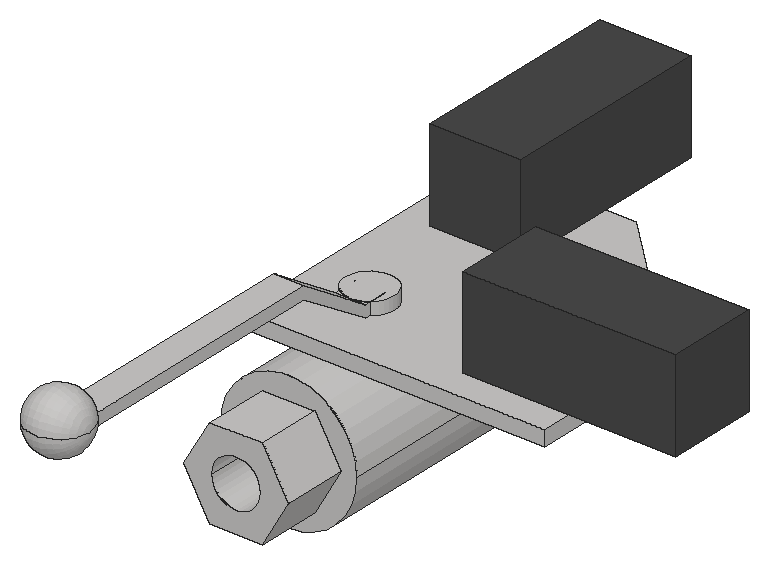
Revit family "Valvula de bola_Aguilera Extincion", category Accesorios de tuberías, Revit 2017
Family settings
  Cota de conector redondo = Radio de uso
  Tipo de pieza = Válvula - Se divide en
  Número OmniClass = 23.65.55.14.17
  Título OmniClass = Adjusting/Controlling Valves for Liquid Services
  Se basa en plano de trabajo = No
  Siempre vertical = Sí
  Corte con vacíos al cargar = No
  Compartido = No
Parameters (values of type "Válvula By-Pass de 16 (1/2")")
  URL = "http://aguilera.es/"
  Símbolo texto = yes
  Simbolo = yes
  R4 = R1 / 2  # 7.5 mm
  R3 = R2 * 1.5  # 33.75 mm
  R2 = R1 * 1.5  # 22.5 mm
  R1 = Radio + 7 mm  # 15 mm
  Fin de carrera 2 = yes
  D4 = R4 * 2  # 15 mm
  D3 = R3 * 2  # 67.5 mm
  D2 = R2 * 2  # 45 mm
  D1 = R1 * 2  # 30 mm
  Type Comments = ""
  Modelo = "AN/VBRF16"
  Fabricante = "Grupo Aguilera"  # constant formula
  L mm = 99 mm
  Keynote = ""
  H mm = 138 mm
  Descripción = "Válvula By-Pass con rácores y un final de carrera."  # constant formula
  Code = ""
  Assembly Code = ""
  A mm = 70 mm
  Radio = 8 mm
Types (3, lengths in mm): name | R4 | R3 | R2 | R1 | D4 | D3 | D2 | D1 | Modelo | Radio
  Válvula By-Pass de 16 (1/2") | 7.5 | 33.75 | 22.5 | 15 | 15 | 67.5 | 45 | 30 | "AN/VBRF16" | 8
  Válvula By-Pass de 20 (3/4") | 8.5 | 38.25 | 25.5 | 17 | 17 | 76.5 | 51 | 34 | "AN/VBRF20" | 10
  Válvula By-Pass de 30 (1 1/4") | 11 | 49.5 | 33 | 22 | 22 | 99 | 66 | 44 | "AN/VBRF30" | 15
Reference planes
  plane 1 "Center (Front/Back)": y = 0
  plane 2: z = 0
  plane 3 "Center (Left/Right)": x = 0
  plane 4: y = -54.971
  plane 5: through (-17.315, -1139.5, -0.009) normal (0.866, 0, 0.5)
  plane 6: through (8.142, -1139.5, 15.897) normal (0.866, 0, 0.5)
  plane 7: through (-6.386, -1139.5, 11.061) normal (0.866, 0, 0.5)
  plane 8: through (-8.65, -1139.5, 14.982) normal (0.866, 0, -0.5)
  plane 9: through (8.665, -1139.5, 14.973) normal (0.866, 0, -0.5)
  plane 10: through (17.331, -1139.5, -0.018) normal (0.866, 0, -0.5)
  plane 11: z = 15
  plane 12: z = -15
  plane 13: z = 0
  plane 14: y = -33.471
  plane 15: through (-6.386, -1118, 11.061) normal (0.866, 0, 0.5)
  plane 16: y = 34.529
  plane 17: y = 56.029
  plane 18: through (-17.315, -1050, -0.009) normal (0.866, 0, 0.5)
  plane 19: through (8.142, -1050, 15.897) normal (0.866, 0, 0.5)
  plane 20: through (-6.386, -1050, 11.061) normal (0.866, 0, 0.5)
  plane 21: through (-8.65, -1050, 14.982) normal (0.866, 0, -0.5)
  plane 22: through (8.665, -1050, 14.973) normal (0.866, 0, -0.5)
  plane 23: through (17.331, -1050, -0.018) normal (0.866, 0, -0.5)
  plane 24: z = 15
  plane 25: z = -15
  plane 26: z = 0
  plane 27: z = 15
  plane 28: z = 36.5
  plane 29: z = 51.5
  plane 30: through (-17.315, -0.009, 1538) normal (0.866, 0.5, 0)
  plane 31: through (8.142, 15.897, 1538) normal (0.866, 0.5, 0)
  plane 32: through (-6.386, 11.061, 1538) normal (0.866, 0.5, 0)
  plane 33: y = 15
  plane 34: y = -15
  plane 35: y = 0
Forms (mm)
  Extrusion 1, solid, material "Acero inoxidable"
    sketch origin (14.466, -54.971, 1200) x (-1, 0, 0) y (0, 0, 1)
      loop
        line (5.806, -1185) -> (-2.864, -1200.018) -> (5.786, -1215) -> (23.127, -1215) -> (31.777, -1200.018) -> (23.106, -1185) -> (5.806, -1185)
      loop
        circle (14.466, -1200) r 8
    from 0 to 21.5
  Extrusion 2, solid, material "Acero inoxidable"
    sketch origin (-17.31, -33.471, 1200) x (-1, 0, 0) y (0, 0, 1)
      loop
        circle (-17.31, -1200) r 22.5
    from 0 to 68
  Extrusion 3, solid, material "Acero inoxidable"
    sketch origin (-17.31, 34.529, 1200) x (-1, 0, 0) y (0, 0, 1)
      loop
        line (-25.971, -1185) -> (-34.641, -1200.018) -> (-25.991, -1215) -> (-8.65, -1215) -> (0, -1200.018) -> (-8.671, -1185) -> (-25.971, -1185)
      loop
        circle (-17.31, -1200) r 8
    from 0 to 21.5
  Extrusion 4, solid, material "Acero inoxidable"
    sketch origin (8.66, 59.529, 15) x (-1, 0, 0) y (0, -1, 0)
      loop
        line (31.01, -15.471) -> (31.01, 84.529) -> (-68.99, 84.529) -> (-68.99, 34.529) -> (-18.99, -15.471) -> (31.01, -15.471)
    from 10 to 15
  Extrusion 5, solid, material "Acero inoxidable"
    sketch origin (4267.2, -40.845, 36.5) x (0, -1, 0) y (1, 0, 0)
      loop
        circle (-40.845, -4267.2) r 8
    from -36.5 to -2.503
  Extrusion 6, solid, material "Plastico negro", visible <- "Fin de carrera 2"
    sketch origin (8.66, 59.529, 30) x (-1, 0, 0) y (0, -1, 0)
      loop
        line (-103.99, 74.529) -> (-103.99, 44.529) -> (-33.99, 44.529) -> (-33.99, 74.529) -> (-103.99, 74.529)
    from 0 to 30
  Extrusion 7, solid, material "Plastico negro"
    sketch origin (-56.879, 6.01, 30) x (0, -1, 0) y (1, 0, 0)
      loop
        line (-103.99, 74.529) -> (-103.99, 44.529) -> (-33.99, 44.529) -> (-33.99, 74.529) -> (-103.99, 74.529)
    from 0 to 30
  Extrusion 8, solid, material "Acero inoxidable"
    sketch origin (0, -214.471, 0) x (0, 1, 0) y (0, 0, 1)
      loop
        line (214.471, 30) -> (214.471, 33.997) -> (206.471, 33.997) -> (181, 50.646) -> (86.471, 50.646) -> (86.471, 46.649) -> (181, 46.649) -> (206.471, 30) -> (214.471, 30)
    from 5 to -5
  Revolve 9, solid, material "Acero inoxidable"
    sketch origin (0, -8, 50.646) x (0, -1, 0) y (1, 0, 0)
      loop
        arc (120, -10) -> (130, 0) -> (120, 10) r 10
        line (120, 10) -> (120, -10)
      axis (120, -10) -> (120, 10)
    angle from 0 to 360
Dimensions and locks
  equal spacing: plane 10, plane 9, plane 8
  "D1": plane 6 to plane 5
  equal spacing: plane 6, plane 7, plane 5
  "D1": plane 10 to plane 8
  "D1": plane 11 to plane 12
  equal spacing: plane 11, plane 13, plane 12
  plane 14 to plane 4 = 21.5 mm
  locked: plane 16 to plane 14 at 68
  equal spacing: plane 23, plane 22, plane 21
  "D1": plane 19 to plane 18
  equal spacing: plane 19, plane 20, plane 18
  "D1": plane 23 to plane 21
  "D1": plane 24 to plane 25
  equal spacing: plane 24, plane 26, plane 25
  plane 17 to plane 16 = 21.5 mm
  plane 28 to plane 27 = 21.5 mm
  "R1": plane 27 to plane 2
  "Radio": radius of Extrusion 1 sketch curve
  "R2": radius of Extrusion 2 sketch curve
  "Radio": radius of Extrusion 3 sketch curve
  "Radio": radius of Extrusion 5 sketch curve
  aligned and locked: level to plane 2
  aligned and locked: plane 6 to Extrusion 1 sketch curve
  aligned and locked: Extrusion 1 sketch curve to plane 5
  aligned and locked: Extrusion 1 sketch curve to plane 8
  aligned and locked: plane 10 to Extrusion 1 sketch curve
  aligned and locked: Extrusion 1 sketch curve to plane 12
  aligned and locked: plane 11 to Extrusion 1 sketch curve
  aligned and locked: plane 14 to Extrusion 1
  aligned and locked: Extrusion 2 to Extrusion 1
  aligned and locked: plane 16 to Extrusion 2
  aligned and locked: plane 19 to Extrusion 3 sketch curve
  aligned and locked: Extrusion 3 sketch curve to plane 18
  aligned and locked: Extrusion 3 sketch curve to plane 21
  aligned and locked: plane 23 to Extrusion 3 sketch curve
  aligned and locked: Extrusion 3 sketch curve to plane 25
  aligned and locked: plane 24 to Extrusion 3 sketch curve
  aligned and locked: Extrusion 3 to Extrusion 2
  aligned and locked: plane 17 to Extrusion 3
  aligned and locked: Revolve 9 sketch curve to Extrusion 8
  aligned and locked: Revolve 9 sketch curve to Revolve 9 sketch curve
Automatic sketch dimensions
  Extrusion 4 sketch curve to Extrusion 3 = 68.99 mm
  Extrusion 4 sketch curve to Extrusion 3 = 18.971 mm
  Extrusion 4 sketch curve to Extrusion 3 = 18.99 mm
  Extrusion 4 sketch curve to Extrusion 3 = 13.71 mm
  Extrusion 4 sketch curve to Extrusion 3 = 9.529 mm
  Extrusion 4 sketch curve to Extrusion 3 = 59.529 mm
  Extrusion 6 sketch curve to Extrusion 4 = 35 mm
  Extrusion 6 sketch curve to Extrusion 4 = 40 mm
  Extrusion 6 sketch curve to Extrusion 6 sketch curve = 30 mm
  Extrusion 6 sketch curve to Extrusion 6 sketch curve = 70 mm
  Extrusion 4 to Extrusion 7 sketch curve = 35 mm
  Extrusion 7 sketch curve to Extrusion 4 = 65 mm
  Extrusion 7 sketch curve to Extrusion 4 = 10 mm
  Extrusion 7 sketch curve to Extrusion 7 sketch curve = 30 mm
  Extrusion 8 sketch curve to plane 14 = 0 mm  (x2)
  Extrusion 8 sketch curve to plane 29 = 4.851 mm
  Extrusion 8 sketch curve to plane 28 = 6.5 mm
  plane 14 to Extrusion 8 sketch curve = 25.471 mm
  Extrusion 8 sketch curve to Extrusion 8 sketch curve = 0 mm
  Extrusion 8 sketch curve to plane 28 = 2.503 mm
  Extrusion 8 sketch curve to Extrusion 8 sketch curve = 8 mm
  Extrusion 8 sketch curve to plane 29 = 0.854 mm
  Revolve 9 sketch curve to Extrusion 8 = 5 mm
  Extrusion 8 to Revolve 9 sketch curve = 5 mm
  Revolve 9 sketch curve to Revolve 9 sketch curve = 0 mm
  Revolve 9 sketch curve to Revolve 9 sketch curve = 18.168 mm
  Extrusion 1 sketch curve to level = 0 mm
  Extrusion 1 sketch curve to plane 3 "Center (Left/Right)" = 0 mm
  Extrusion 2 sketch curve to level = 0 mm
  Extrusion 2 sketch curve to plane 3 "Center (Left/Right)" = 0 mm
  Extrusion 3 sketch curve to level = 0 mm
  Extrusion 3 sketch curve to plane 3 "Center (Left/Right)" = 0 mm
  Extrusion 5 sketch curve to plane 3 "Center (Left/Right)" = 0 mm
  Extrusion 5 sketch curve to plane 32 = 0 mm
  Extrusion 8 sketch curve to plane 4 = 73.029 mm
Nested families
  nested 1: "S_Valvula_Aguilera Extinción" at (0, 0, 0) x (0, 1, 0) z (0, 0, 1), visible <- "Simbolo", type "S_Valvula_Aguilera Extinción", detail levels coarse
Connectors
  piping at (0, 56.029, 0), diameter 16, driven by "Radio"
    settings: on Extrusion 3, index 1, connector inside diameter 609.6 mm, connector length 0 mm, flow factor 0, pipe flow 0.0 L/s, pressure drop 0.0 Pa, fitting loss kfactor 0, connector angle 0.00°, fixture units 0, engagement length 0 mm, angle of deflection 0.00°, flow configuration 0, flow direction 0, fitting loss method 0, system type 28, joint type 0, gender type 0, connector reference index 2, connector utility 0, adjustable connector no, is connector primary yes, connector description ""
  piping at (0, -54.971, 0), diameter 16, driven by "Radio"
    settings: on Extrusion 1, index 2, connector inside diameter 609.6 mm, connector length 0 mm, flow factor 0, pipe flow 0.0 L/s, pressure drop 0.0 Pa, fitting loss kfactor 0, connector angle 0.00°, fixture units 0, engagement length 0 mm, angle of deflection 0.00°, flow configuration 0, flow direction 0, fitting loss method 0, system type 28, joint type 0, gender type 0, connector reference index 1, connector utility 0, adjustable connector no, is connector primary no, connector description ""
Definition of nested family "S_Valvula_Aguilera Extinción"
  Parameters (values of type "S_Valvula_Aguilera Extinción")
    Texto símbolo = "Válvula"
    Texto modelo = yes
    Modelo = "Válvula"
  Reference planes
    plane 1: y = 0
    plane 2: x = 0
  Lines and regions (mm)
    detail lines
      curve 1: line (2.965, 0, 0) -> (1.953, 0, 0)
      curve 2: line (1.953, -0.989, 0) -> (1.953, 0.989, 0)
      curve 3: line (1.953, 0.989, 0) -> (0, 0, 0)
      curve 4: line (1.953, -0.989, 0) -> (0, 0, 0)
      curve 5: line (-2.965, 0, 0) -> (-1.953, 0, 0)
      curve 6: line (-1.953, -0.989, 0) -> (-1.953, 0.989, 0)
      curve 7: line (-1.953, 0.989, 0) -> (0, 0, 0)
      curve 8: line (-1.953, -0.989, 0) -> (0, 0, 0)
  Text (mm)
    label "Texto símbolo" at (-0.164, 2.864, 0), shows "Texto símbolo", visible <- "Texto modelo"
    label "Modelo" at (-0.164, -2.652, 0), shows "Modelo", visible <- "Texto modelo"
